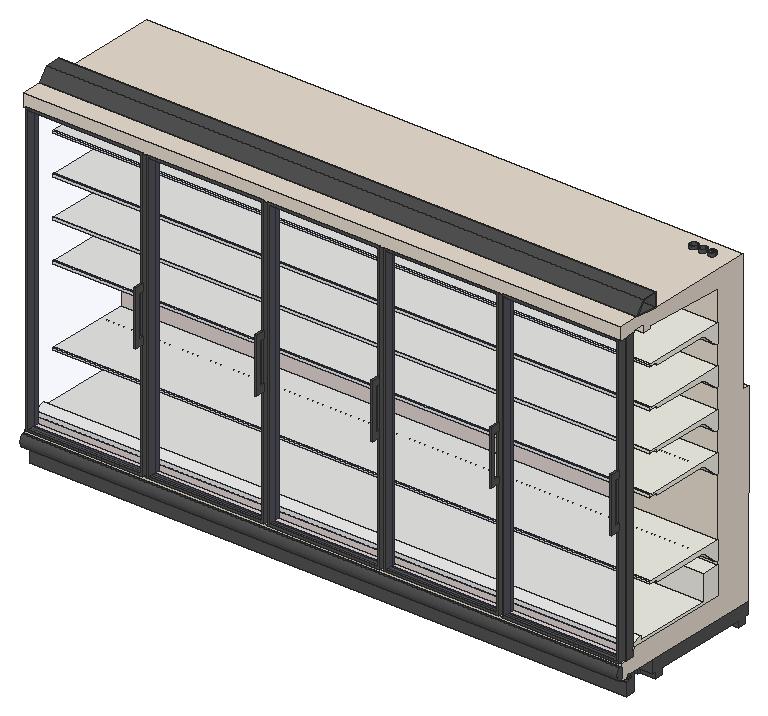
Revit family
Parameters (values of type "RLT-5")
  Voltage - Electric Defrost [instance] = 208 V
  Voltage [instance] = 120 V
  URL = "www.hussmann.com"
  Temp Sensor [instance] = "Temp Sensor"
  System Control [instance] = "0.10A"
  Standard Right End Cap On/Off [instance] = no
  Standard Left End Cap On/Off [instance] = no
  Refrig. Suction [instance] = "Suction"
  Refrig. Liquid [instance] = "Liquid"
  Ref. Sys. Control [instance] = 0.1 A
  R.I. RH Doors YES/NO [instance] = no
  R.I. LH Doors YES/NO [instance] = yes
  R.I. - RH Door Swing YES/NO [instance] = no
  R.I. - LH Door Swing YES/NO [instance] = yes
  Phase [instance] = 1
  Model = "RLT-5"
  Manufacturer = "HUSSMANN CORP"
  Glass [instance] = Glass
  Frequency [instance] = 60 Hz
  Elect. Defrost Amps [instance] = "19.20A"
  Elect. Def.-2 Yes/No [instance] = no
  Elect. Def. Yes/No [instance] = yes
  Elect. Def. Amps [instance] = 19.2 A
  EMS (Controller)-2 YES/NO [instance] = no
  EMS (Controller) YES/NO [instance] = yes
  Drain Heaters [instance] = 3.5 A
  Description = "5-Door Reach-in Low Temp Case"
  Copper-Suction [instance] = Copper
  Copper-Liquid [instance] = Copper
  Controls-2 YES/NO [instance] = no
  Controls Yes/No = yes
  Controller (EMS) [instance] = 0.1 A
  Condensate Drain Connection [instance] = "1 1/4\" Dia"
  Color - Toe Kick [instance] = Shadow Black
  Color - Shelves [instance] = Interior White
  Color - Light [instance] = Light
  Color - Legs [instance] = Shadow Black
  Color - Interior [instance] = Interior White
  Color - Bumper Rail [instance] = Shadow Black
  Color - Body [instance] = Mystic Gray
  Color [instance] = Shadow Black
  Case Lights-2 YES/NO [instance] = no
  Case Lights YES/NO [instance] = yes
  Case Lights Amps [instance] = "0.90A"
  Case Lights [instance] = 0.9 A
  Case KG Sup Htrs. [instance] = "6.60A"
  Case KG Sup Htrs-2 YES/NO [instance] = no
  Case KG Sup Htrs YES/NO [instance] = yes
  Case KG Sup Htrs [instance] = 6.6 A
  Case Fans-MCA [instance] = 11.6 A
  Case Fans-2 YES/NO [instance] = no
  Case Fans YES/NO [instance] = yes
  Case Fans (MCA) [instance] = "11.60A"
  Case Drain Htrs-2 YES/NO [instance] = no
  Case Drain Htrs YES/NO [instance] = yes
  Case Drain Htrs [instance] = "3.50A"
  5-Shelves On/Off [instance] = yes
  4-Shelves On/Off [instance] = no
  3-Shelves On/Off [instance] = no
  2-Shelves On/Off [instance] = no
  1-Shelves On/Off [instance] = no
Reference planes (in)
  plane 1 "Center (Front/Back)": y = 0
  plane 2: z = 0
  plane 3 "Center (Left/Right)": x = 0
  plane 4: x = 62
  plane 5: y = -42.125
  plane 6: z = 4.75
  plane 7: x = 31
  plane 8: x = 30.5
  plane 9: x = 31.5
  plane 10: x = 0.5
  plane 11: x = 61.5
  plane 12: z = 82.75017
  plane 13: z = 8.25017
  plane 14: x = 30
  plane 15: x = 32
  plane 16: x = 1
  plane 17: x = 61
  plane 18: z = 8.75017
  plane 19: z = 82.25017
  plane 20: y = -40.875
  plane 21: y = -39
  plane 22: y = -43.16337
  plane 23: z = 89.00011
  plane 24: z = 86.00442
  plane 25: x = 122.875
  plane 26: x = 91.87738
  plane 27: x = 91.37738
  plane 28: x = 90.87738
  plane 29: x = 153.375
  plane 30: x = 122.37738
  plane 31: x = 121.87738
  plane 32: x = 121.37738
  plane 33: x = 76.625
Forms (in)
  Extrusion 1, solid, material "Mystic Gray" <- "Color - Body"
    sketch origin (0, 0, 0) x (0, 1, 0) y (0, 0, 1)
      loop
        line (-40.6, 8.25017) -> (-40.6, 4.265) -> (-39.3376, 4.265) -> (-38.7126, 5.34753) -> (-37.67764, 4.75) -> (0, 4.75) -> (0, 54.406) -> (-1.626, 54.406) -> (-1.626, 85.375) -> (-29.626, 85.375) -> (-35.7178, 86.00442) -> (-40.87784, 86.00442) -> (-40.87784, 82.75442) -> (-36.90797, 82.75442) -> (-36.90797, 83.34417) -> (-33.56579, 83.34417) -> (-33.65569, 81.38621) -> (-31.65779, 81.29448) -> (-31.6237, 82.03699) -> (-9.64685, 81.02795) -> (-9.64685, 10.27795) -> (-36.64685, 10.27795) -> (-36.64685, 9.94983) -> (-36.98797, 9.94983) -> (-36.98797, 8.25017) -> (-40.6, 8.25017)
    from 0 to 153.375
  Extrusion 2, solid, material "Shadow Black" <- "Color"
    sketch origin (0, 0, 0) x (1, 0, 0) y (0, 1, 0)
      loop
        line (4, -36.707) -> (10, -36.707) -> (10, -35.86) -> (9, -35.86) -> (9, -30.528) -> (10, -30.528) -> (10, -29.778) -> (4, -29.778) -> (4, -30.528) -> (5, -30.528) -> (5, -35.86) -> (4, -35.86) -> (4, -36.707)
      loop
        line (143.375, -36.707) -> (149.375, -36.707) -> (149.375, -35.86) -> (148.375, -35.86) -> (148.375, -30.528) -> (149.375, -30.528) -> (149.375, -29.778) -> (143.375, -29.778) -> (143.375, -30.528) -> (144.375, -30.528) -> (144.375, -35.86) -> (143.375, -35.86) -> (143.375, -36.707)
      loop
        line (97.6875, -36.707) -> (103.6875, -36.707) -> (103.6875, -35.86) -> (102.6875, -35.86) -> (102.6875, -30.528) -> (103.6875, -30.528) -> (103.6875, -29.778) -> (97.6875, -29.778) -> (97.6875, -30.528) -> (98.6875, -30.528) -> (98.6875, -35.86) -> (97.6875, -35.86) -> (97.6875, -36.707)
      loop
        line (49.6875, -36.707) -> (55.6875, -36.707) -> (55.6875, -35.86) -> (54.6875, -35.86) -> (54.6875, -30.528) -> (55.6875, -30.528) -> (55.6875, -29.778) -> (49.6875, -29.778) -> (49.6875, -30.528) -> (50.6875, -30.528) -> (50.6875, -35.86) -> (49.6875, -35.86) -> (49.6875, -36.707)
    from 0 to 4.639
  Extrusion 3, solid, material "Shadow Black" <- "Color - Toe Kick"
    sketch origin (0, 0, 0) x (0, 1, 0) y (0, 0, 1)
      loop
        line (-37.67764, 4.75) -> (-37.471, 3.6869) -> (-38.14784, 3.6869) -> (-38.22804, 3.548) -> (-38.79179, 3.34281) -> (-39, 3.02219) -> (-39, 0) -> (-36.707, 0) -> (-36.707, 4.75) -> (-37.67764, 4.75)
    from 0 to 153.375
  Extrusion 4, solid, material "Shadow Black" <- "Color - Legs"
    sketch origin (0, 0, 0) x (0, 1, 0) y (0, 0, 1)
      loop
        line (-30.75, 4.75) -> (-30.75, 1.556) -> (-29.691, 1.556) -> (-29.691, 0) -> (-27.799, 0) -> (-27.799, 1.556) -> (-2.895, 1.556) -> (-2.895, 0) -> (-1.003, 0) -> (-1.003, 1.556) -> (0, 1.556) -> (0, 4.75) -> (-30.75, 4.75)
    from 0 to 153.375
  Extrusion 5, solid, material "Interior White" <- "Color - Interior"
    sketch origin (0, 0, 0) x (0, 1, 0) y (0, 0, 1)
      loop
        line (-9.64685, 10.27795) -> (-9.64685, 17.37517) -> (-14.2885, 17.37517) -> (-14.2885, 10.94933) -> (-34.45597, 10.94933) -> (-34.45597, 11.95641) -> (-37.00724, 10.94933) -> (-37.00724, 9.94933) -> (-36.6378, 9.94933) -> (-36.6378, 10.27795) -> (-9.64685, 10.27795)
    from 0 to 153.375
  Extrusion 6, solid, material "Interior White" <- "Color - Shelves", visible <- "5-Shelves On/Off"
    sketch origin (0, 0, 0) x (0, 1, 0) y (0, 0, 1)
      loop
        line (-9.64685, 23.17405) -> (-31.4298, 23.17405) -> (-31.4298, 23.3192) -> (-31.6635, 23.21022) -> (-31.6635, 22.58599) -> (-31.29125, 22.8665) -> (-31.11141, 22.74057) -> (-29.50986, 22.74057) -> (-29.50986, 22.24057) -> (-28.63922, 22.21017) -> (-28.63922, 22.11574) -> (-14.76647, 22.11574) -> (-10.99391, 18.8565) -> (-10.00662, 18.37496) -> (-9.64685, 18.37496) -> (-9.64685, 23.17405)
      loop
        line (-9.64685, 43.17405) -> (-31.4298, 43.17405) -> (-31.4298, 43.3192) -> (-31.6635, 43.21022) -> (-31.6635, 42.58599) -> (-31.29125, 42.8665) -> (-31.11141, 42.74057) -> (-29.50986, 42.74057) -> (-29.50986, 42.24057) -> (-28.63922, 42.21017) -> (-28.63922, 42.11574) -> (-14.76647, 42.11574) -> (-10.99391, 38.8565) -> (-10.00662, 38.37496) -> (-9.64685, 38.37496) -> (-9.64685, 43.17405)
      loop
        line (-9.64685, 53.17405) -> (-31.4298, 53.17405) -> (-31.4298, 53.3192) -> (-31.6635, 53.21022) -> (-31.6635, 52.58599) -> (-31.29125, 52.8665) -> (-31.11141, 52.74057) -> (-29.50986, 52.74057) -> (-29.50986, 52.24057) -> (-28.63922, 52.21017) -> (-28.63922, 52.11574) -> (-14.76647, 52.11574) -> (-10.99391, 48.8565) -> (-10.00662, 48.37496) -> (-9.64685, 48.37496) -> (-9.64685, 53.17405)
      loop
        line (-9.64685, 63.17405) -> (-31.4298, 63.17405) -> (-31.4298, 63.3192) -> (-31.6635, 63.21022) -> (-31.6635, 62.58599) -> (-31.29125, 62.8665) -> (-31.11141, 62.74057) -> (-29.50986, 62.74057) -> (-29.50986, 62.24057) -> (-28.63922, 62.21017) -> (-28.63922, 62.11574) -> (-14.76647, 62.11574) -> (-10.99391, 58.8565) -> (-10.00662, 58.37496) -> (-9.64685, 58.37496) -> (-9.64685, 63.17405)
      loop
        line (-9.64685, 73.17405) -> (-31.4298, 73.17405) -> (-31.4298, 73.3192) -> (-31.6635, 73.21022) -> (-31.6635, 72.58599) -> (-31.29125, 72.8665) -> (-31.11141, 72.74057) -> (-29.50986, 72.74057) -> (-29.50986, 72.24057) -> (-28.63922, 72.21017) -> (-28.63922, 72.11574) -> (-14.76647, 72.11574) -> (-10.99391, 68.8565) -> (-10.00662, 68.37496) -> (-9.64685, 68.37496) -> (-9.64685, 73.17405)
    from 0 to 153.375
  Extrusion 7, solid, material "Shadow Black" <- "Color - Bumper Rail"
    sketch origin (0, 0, 0) x (0, 1, 0) y (0, 0, 1)
      loop
        line (-40.6, 7.23837) -> (-41.07283, 7.7112) -> (-41.39244, 7.7112)
        arc (-41.39244, 7.7112) -> (-42.13964, 6.12628) -> (-41.39244, 4.54135) r 2.05454
        line (-41.39244, 4.54135) -> (-41.07408, 4.54135) -> (-40.6, 5.01543) -> (-40.6, 7.23837)
    from 0 to 153.375
  Extrusion 8, solid, material "Shadow Black" <- "Color"
    sketch origin (0, 0, 0) x (0, 1, 0) y (0, 0, 1)
      loop
        line (-38.8929, 82.75442) -> (-38.8929, 8.25017) -> (-36.98797, 8.25017) -> (-36.98797, 82.75442) -> (-38.8929, 82.75442)
    from 0 to 0.5
  Extrusion 9, solid, material "Shadow Black" <- "Color"
    sketch origin (30.5, -0.09507, 0) x (0, 1, 0) y (0, 0, 1)
      loop
        line (-38.8929, 82.75442) -> (-38.8929, 8.25017) -> (-36.98797, 8.25017) -> (-36.98797, 82.75442) -> (-38.8929, 82.75442)
    from 0 to 1
  Extrusion 10, solid, material "Shadow Black" <- "Color"
    sketch origin (0, 0, 0) x (1, 0, 0) y (0, 0, 1)
      loop
        line (0.5, 8.25017) -> (30.5, 8.25017) -> (30.5, 82.75442) -> (0.5, 82.75442) -> (0.5, 8.25017)
      loop
        line (1, 8.75017) -> (30, 8.75017) -> (30, 82.25017) -> (1, 82.25017) -> (1, 8.75017)
    from 39 to 40.87784
  Extrusion 11, solid, material "Glass" <- "Glass"
    sketch origin (0, 0, 0) x (1, 0, 0) y (0, 0, 1)
      loop
        line (1, 8.75017) -> (30, 8.75017) -> (30, 82.25017) -> (1, 82.25017) -> (1, 8.75017)
    from 39.65088 to 40.28076
  Extrusion 12, solid, material "Shadow Black" <- "Color"
    sketch origin (31, 0, 0) x (1, 0, 0) y (0, 0, 1)
      loop
        line (0.5, 8.25017) -> (30.5, 8.25017) -> (30.5, 82.75442) -> (0.5, 82.75442) -> (0.5, 8.25017)
      loop
        line (1, 8.75017) -> (30, 8.75017) -> (30, 82.25017) -> (1, 82.25017) -> (1, 8.75017)
    from 39 to 40.87784
  Extrusion 13, solid, material "Glass" <- "Glass"
    sketch origin (31, 0, 0) x (1, 0, 0) y (0, 0, 1)
      loop
        line (1, 8.75017) -> (30, 8.75017) -> (30, 82.25017) -> (1, 82.25017) -> (1, 8.75017)
    from 39.65088 to 40.28076
  Extrusion 14, solid, material "Shadow Black" <- "Color", visible <- "R.I. LH Doors YES/NO"
    sketch origin (0, 0, 0) x (0, 1, 0) y (0, 0, 1)
      loop
        line (-40.875, 52.65143) -> (-43.16337, 52.65143) -> (-43.16337, 38.65143) -> (-40.87784, 38.65143) -> (-40.87784, 40.40143) -> (-42.26191, 40.40143) -> (-42.26191, 50.90143) -> (-40.875, 50.90143) -> (-40.875, 52.65143)
    from 30 to 30.5
  Extrusion 15, solid
    sketch origin (38.5, 0, 0) x (1, 0, 0) y (0, 1, 0)
      loop
        circle (38.125, -34.62535) r 0.625
      loop
        circle (38.125, -34.62535) r 0.5578
    from 3.875 to 4.75
  Extrusion 16, solid, material "Shadow Black" <- "Color"
    sketch origin (91.375, 0, 0) x (1, 0, 0) y (0, 1, 0)
      loop
        circle (57.125, -5.5) r 0.9375
      loop
        circle (57.125, -5.5) r 0.84894
    from 85.375 to 86.00442
  Extrusion 17, solid, material "Shadow Black" <- "Color"
    sketch origin (89, 0, 0) x (1, 0, 0) y (0, 1, 0)
      loop
        circle (57.125, -5.5) r 0.9375
      loop
        circle (57.125, -5.5) r 0.84894
    from 85.375 to 86.00442
  Extrusion 18, solid, material "Shadow Black" <- "Color"
    sketch origin (86.625, 0, 0) x (1, 0, 0) y (0, 1, 0)
      loop
        circle (57.125, -5.5) r 0.9375
      loop
        circle (57.125, -5.5) r 0.84894
    from 85.36717 to 86
  Extrusion 19, solid, material "Shadow Black" <- "Color"
    sketch origin (91.875, 0, 0) x (1, 0, 0) y (0, 0, 1)
      loop
        line (0.5, 8.25017) -> (30, 8.25017) -> (30, 82.75442) -> (0.5, 82.75442) -> (0.5, 8.25017)
      loop
        line (1, 8.75017) -> (29.50238, 8.75017) -> (29.50238, 82.25017) -> (1, 82.25017) -> (1, 8.75017)
    from 39 to 40.87784
  Extrusion 20, solid, material "Glass" <- "Glass"
    sketch origin (91.875, 0, 0) x (1, 0, 0) y (0, 0, 1)
      loop
        line (1, 8.75017) -> (29.50238, 8.75017) -> (29.50238, 82.25017) -> (1, 82.25017) -> (1, 8.75017)
    from 39.65088 to 40.28076
  Extrusion 21, solid, material "Shadow Black" <- "Color", visible <- "R.I. LH Doors YES/NO"
    sketch origin (60.875, 0.03553, 0) x (0, 1, 0) y (0, 0, 1)
      loop
        line (-40.875, 52.65143) -> (-43.16337, 52.65143) -> (-43.16337, 38.65143) -> (-40.87784, 38.65143) -> (-40.87784, 40.40143) -> (-42.26191, 40.40143) -> (-42.26191, 50.90143) -> (-40.875, 50.90143) -> (-40.875, 52.65143)
    from 30 to 30.5
  Extrusion 22, solid, material "Shadow Black" <- "Color"
    sketch origin (61.5, -0.09507, 0) x (0, 1, 0) y (0, 0, 1)
      loop
        line (-38.8929, 82.75442) -> (-38.8929, 8.25017) -> (-36.98797, 8.25017) -> (-36.98797, 82.75442) -> (-38.8929, 82.75442)
    from 0 to 1
  Extrusion 23, solid, material "Shadow Black" <- "Color"
    sketch origin (62, 0, 0) x (1, 0, 0) y (0, 0, 1)
      loop
        line (0.5, 8.25017) -> (29.37738, 8.25017) -> (29.37738, 82.75442) -> (0.5, 82.75442) -> (0.5, 8.25017)
      loop
        line (1, 8.75017) -> (28.87738, 8.75017) -> (28.87738, 82.25017) -> (1, 82.25017) -> (1, 8.75017)
    from 39 to 40.87784
  Extrusion 24, solid, material "Glass" <- "Glass"
    sketch origin (62, 0, 0) x (1, 0, 0) y (0, 0, 1)
      loop
        line (1, 8.75017) -> (28.87738, 8.75017) -> (28.87738, 82.25017) -> (1, 82.25017) -> (1, 8.75017)
    from 39.65088 to 40.28076
  Extrusion 25, solid, material "Shadow Black" <- "Color", visible <- "R.I. LH Doors YES/NO"
    sketch origin (31, 0.03553, 0) x (0, 1, 0) y (0, 0, 1)
      loop
        line (-40.875, 52.65143) -> (-43.16337, 52.65143) -> (-43.16337, 38.65143) -> (-40.87784, 38.65143) -> (-40.87784, 40.40143) -> (-42.26191, 40.40143) -> (-42.26191, 50.90143) -> (-40.875, 50.90143) -> (-40.875, 52.65143)
    from 30 to 30.5
  Extrusion 26, solid, material "Shadow Black" <- "Color"
    sketch origin (91.37738, -0.4949, 0) x (0, 1, 0) y (0, 0, 1)
      loop
        line (-38.8929, 82.75442) -> (-38.8929, 8.25017) -> (-36.98797, 8.25017) -> (-36.98797, 82.75442) -> (-38.8929, 82.75442)
    from 0 to 1
  Extrusion 27, solid, material "Shadow Black" <- "Color", visible <- "R.I. LH Doors YES/NO"
    sketch origin (91.375, 0.03553, 0) x (0, 1, 0) y (0, 0, 1)
      loop
        line (-40.875, 52.65143) -> (-43.16337, 52.65143) -> (-43.16337, 38.65143) -> (-40.87784, 38.65143) -> (-40.87784, 40.40143) -> (-42.26191, 40.40143) -> (-42.26191, 50.90143) -> (-40.875, 50.90143) -> (-40.875, 52.65143)
    from 30 to 30.5
  Extrusion 28, solid, material "Shadow Black" <- "Color"
    sketch origin (152.875, -0.0369, 0) x (0, 1, 0) y (0, 0, 1)
      loop
        line (-38.8929, 82.75442) -> (-38.8929, 8.25017) -> (-36.98797, 8.25017) -> (-36.98797, 82.75442) -> (-38.8929, 82.75442)
    from 0 to 0.5
  Extrusion 29, solid, material "Shadow Black" <- "Color"
    sketch origin (122.375, 0, 0) x (1, 0, 0) y (0, 0, 1)
      loop
        line (0.5, 8.25017) -> (30.5, 8.25017) -> (30.5, 82.75442) -> (0.5, 82.75442) -> (0.5, 8.25017)
      loop
        line (1, 8.75017) -> (30, 8.75017) -> (30, 82.25017) -> (1, 82.25017) -> (1, 8.75017)
    from 39 to 40.87784
  Extrusion 30, solid, material "Glass" <- "Glass"
    sketch origin (122.375, 0, 0) x (1, 0, 0) y (0, 0, 1)
      loop
        line (1, 8.75017) -> (30, 8.75017) -> (30, 82.25017) -> (1, 82.25017) -> (1, 8.75017)
    from 39.65088 to 40.28076
  Extrusion 31, solid, material "Shadow Black" <- "Color", visible <- "R.I. LH Doors YES/NO"
    sketch origin (122.375, 0.03553, 0) x (0, 1, 0) y (0, 0, 1)
      loop
        line (-40.875, 52.65143) -> (-43.16337, 52.65143) -> (-43.16337, 38.65143) -> (-40.87784, 38.65143) -> (-40.87784, 40.40143) -> (-42.26191, 40.40143) -> (-42.26191, 50.90143) -> (-40.875, 50.90143) -> (-40.875, 52.65143)
    from 30 to 30.5
  Extrusion 32, solid, material "Shadow Black" <- "Color"
    sketch origin (121.87738, -0.4949, 0) x (0, 1, 0) y (0, 0, 1)
      loop
        line (-38.8929, 82.75442) -> (-38.8929, 8.25017) -> (-36.98797, 8.25017) -> (-36.98797, 82.75442) -> (-38.8929, 82.75442)
    from 0 to 1
  Extrusion 33, solid
    sketch origin (7.25, -1.75, 0) x (1, 0, 0) y (0, 1, 0)
      loop
        circle (2.75, -30.16725) r 0.5
      loop
        circle (2.75, -30.16725) r 0.47014
      loop
        circle (4, -30.16725) r 0.5
      loop
        circle (4, -30.16725) r 0.47014
      loop
        circle (5.25, -30.16725) r 0.5
      loop
        circle (5.25, -30.16725) r 0.47014
      loop
        circle (6.5, -30.16725) r 0.5
      loop
        circle (6.5, -30.16725) r 0.47014
      loop
        circle (7.75, -30.16725) r 0.5
      loop
        circle (7.75, -30.16725) r 0.47014
      loop
        circle (2.75, -29.04125) r 0.5
      loop
        circle (2.75, -29.04125) r 0.47014
      loop
        circle (4, -29.04125) r 0.5
      loop
        circle (4, -29.04125) r 0.47014
    from 85.375 to 86.33078
  Extrusion 34, solid
    sketch origin (146, -1.75, 0) x (-1, 0, 0) y (0, -1, 0)
      loop
        circle (2.75, 30.16725) r 0.5
      loop
        circle (2.75, 30.16725) r 0.47014
      loop
        circle (4, 30.16725) r 0.5
      loop
        circle (4, 30.16725) r 0.47014
      loop
        circle (5.25, 30.16725) r 0.5
      loop
        circle (5.25, 30.16725) r 0.47014
      loop
        circle (6.5, 30.16725) r 0.5
      loop
        circle (6.5, 30.16725) r 0.47014
      loop
        circle (7.75, 30.16725) r 0.5
      loop
        circle (7.75, 30.16725) r 0.47014
      loop
        circle (2.75, 29.04125) r 0.5
      loop
        circle (2.75, 29.04125) r 0.47014
      loop
        circle (4, 29.04125) r 0.5
      loop
        circle (4, 29.04125) r 0.47014
    from 85.375 to 86.33078
  Extrusion 35, solid, material "Copper" <- "Copper-Suction"
    sketch origin (91.36777, 0, 0) x (1, 0, 0) y (0, 1, 0)
      loop
        circle (57.42378, -5.50951) r 0.3125
      loop
        circle (57.42378, -5.50951) r 0.28333
    from 85.375 to 86.00442
  Extrusion 36, solid, material "Copper" <- "Copper-Liquid"
    sketch origin (91.36777, 0, 0) x (1, 0, 0) y (0, 1, 0)
      loop
        circle (56.67874, -5.50951) r 0.1875
      loop
        circle (56.67874, -5.50951) r 0.17549
    from 85.375 to 86.00442
  Extrusion 37, solid, material "Shadow Black" <- "Color"
    sketch origin (0, 0, 0) x (0, 1, 0) y (0, 0, 1)
      loop
        line (-29.626, 85.375) -> (-29.626, 89.00011) -> (-33.6202, 89.00011) -> (-35.7178, 86.00442) -> (-29.626, 85.375)
      loop
        line (-29.69208, 85.48837) -> (-29.69208, 88.96133) -> (-33.54903, 88.96133) -> (-35.55654, 86.0943) -> (-29.69208, 85.48837)
    from 0 to 153.375
  Extrusion 38, solid, material "Interior White" <- "Color - Shelves", visible <- "1-Shelves On/Off"
    sketch origin (0, 0, 0) x (0, 1, 0) y (0, 0, 1)
      loop
        line (-9.64685, 43.17405) -> (-31.4298, 43.17405) -> (-31.4298, 43.3192) -> (-31.6635, 43.21022) -> (-31.6635, 42.58599) -> (-31.29125, 42.8665) -> (-31.11141, 42.74057) -> (-29.50986, 42.74057) -> (-29.50986, 42.24057) -> (-28.63922, 42.21017) -> (-28.63922, 42.11574) -> (-14.76647, 42.11574) -> (-10.99391, 38.8565) -> (-10.00662, 38.37496) -> (-9.64685, 38.37496) -> (-9.64685, 43.17405)
    from 0 to 12
  Extrusion 39, solid, material "Interior White" <- "Color - Shelves", visible <- "2-Shelves On/Off"
    sketch origin (0, 0, 0) x (0, 1, 0) y (0, 0, 1)
      loop
        line (-9.64685, 43.17405) -> (-31.4298, 43.17405) -> (-31.4298, 43.3192) -> (-31.6635, 43.21022) -> (-31.6635, 42.58599) -> (-31.29125, 42.8665) -> (-31.11141, 42.74057) -> (-29.50986, 42.74057) -> (-29.50986, 42.24057) -> (-28.63922, 42.21017) -> (-28.63922, 42.11574) -> (-14.76647, 42.11574) -> (-10.99391, 38.8565) -> (-10.00662, 38.37496) -> (-9.64685, 38.37496) -> (-9.64685, 43.17405)
      loop
        line (-9.64685, 63.17405) -> (-31.4298, 63.17405) -> (-31.4298, 63.3192) -> (-31.6635, 63.21022) -> (-31.6635, 62.58599) -> (-31.29125, 62.8665) -> (-31.11141, 62.74057) -> (-29.50986, 62.74057) -> (-29.50986, 62.24057) -> (-28.63922, 62.21017) -> (-28.63922, 62.11574) -> (-14.76647, 62.11574) -> (-10.99391, 58.8565) -> (-10.00662, 58.37496) -> (-9.64685, 58.37496) -> (-9.64685, 63.17405)
    from 0 to 12
  Extrusion 40, solid, material "Interior White" <- "Color - Shelves", visible <- "3-Shelves On/Off"
    sketch origin (0, 0, 0) x (0, 1, 0) y (0, 0, 1)
      loop
        line (-9.64685, 43.17405) -> (-31.4298, 43.17405) -> (-31.4298, 43.3192) -> (-31.6635, 43.21022) -> (-31.6635, 42.58599) -> (-31.29125, 42.8665) -> (-31.11141, 42.74057) -> (-29.50986, 42.74057) -> (-29.50986, 42.24057) -> (-28.63922, 42.21017) -> (-28.63922, 42.11574) -> (-14.76647, 42.11574) -> (-10.99391, 38.8565) -> (-10.00662, 38.37496) -> (-9.64685, 38.37496) -> (-9.64685, 43.17405)
      loop
        line (-9.64685, 53.17405) -> (-31.4298, 53.17405) -> (-31.4298, 53.3192) -> (-31.6635, 53.21022) -> (-31.6635, 52.58599) -> (-31.29125, 52.8665) -> (-31.11141, 52.74057) -> (-29.50986, 52.74057) -> (-29.50986, 52.24057) -> (-28.63922, 52.21017) -> (-28.63922, 52.11574) -> (-14.76647, 52.11574) -> (-10.99391, 48.8565) -> (-10.00662, 48.37496) -> (-9.64685, 48.37496) -> (-9.64685, 53.17405)
      loop
        line (-9.64685, 63.17405) -> (-31.4298, 63.17405) -> (-31.4298, 63.3192) -> (-31.6635, 63.21022) -> (-31.6635, 62.58599) -> (-31.29125, 62.8665) -> (-31.11141, 62.74057) -> (-29.50986, 62.74057) -> (-29.50986, 62.24057) -> (-28.63922, 62.21017) -> (-28.63922, 62.11574) -> (-14.76647, 62.11574) -> (-10.99391, 58.8565) -> (-10.00662, 58.37496) -> (-9.64685, 58.37496) -> (-9.64685, 63.17405)
    from 0 to 12
  Extrusion 41, solid, material "Interior White" <- "Color - Shelves", visible <- "4-Shelves On/Off"
    sketch origin (0, 0, 0) x (0, 1, 0) y (0, 0, 1)
      loop
        line (-9.64685, 43.17405) -> (-31.4298, 43.17405) -> (-31.4298, 43.3192) -> (-31.6635, 43.21022) -> (-31.6635, 42.58599) -> (-31.29125, 42.8665) -> (-31.11141, 42.74057) -> (-29.50986, 42.74057) -> (-29.50986, 42.24057) -> (-28.63922, 42.21017) -> (-28.63922, 42.11574) -> (-14.76647, 42.11574) -> (-10.99391, 38.8565) -> (-10.00662, 38.37496) -> (-9.64685, 38.37496) -> (-9.64685, 43.17405)
      loop
        line (-9.64685, 53.17405) -> (-31.4298, 53.17405) -> (-31.4298, 53.3192) -> (-31.6635, 53.21022) -> (-31.6635, 52.58599) -> (-31.29125, 52.8665) -> (-31.11141, 52.74057) -> (-29.50986, 52.74057) -> (-29.50986, 52.24057) -> (-28.63922, 52.21017) -> (-28.63922, 52.11574) -> (-14.76647, 52.11574) -> (-10.99391, 48.8565) -> (-10.00662, 48.37496) -> (-9.64685, 48.37496) -> (-9.64685, 53.17405)
      loop
        line (-9.64685, 63.17405) -> (-31.4298, 63.17405) -> (-31.4298, 63.3192) -> (-31.6635, 63.21022) -> (-31.6635, 62.58599) -> (-31.29125, 62.8665) -> (-31.11141, 62.74057) -> (-29.50986, 62.74057) -> (-29.50986, 62.24057) -> (-28.63922, 62.21017) -> (-28.63922, 62.11574) -> (-14.76647, 62.11574) -> (-10.99391, 58.8565) -> (-10.00662, 58.37496) -> (-9.64685, 58.37496) -> (-9.64685, 63.17405)
      loop
        line (-9.64685, 73.17405) -> (-31.4298, 73.17405) -> (-31.4298, 73.3192) -> (-31.6635, 73.21022) -> (-31.6635, 72.58599) -> (-31.29125, 72.8665) -> (-31.11141, 72.74057) -> (-29.50986, 72.74057) -> (-29.50986, 72.24057) -> (-28.63922, 72.21017) -> (-28.63922, 72.11574) -> (-14.76647, 72.11574) -> (-10.99391, 68.8565) -> (-10.00662, 68.37496) -> (-9.64685, 68.37496) -> (-9.64685, 73.17405)
    from 0 to 12
  Extrusion 42, solid, material "Shadow Black" <- "Color", visible <- "R.I. RH Doors YES/NO"
    sketch origin (31, 0, 0) x (0, 1, 0) y (0, 0, -1)
      loop
        line (-40.875, -52.65143) -> (-40.875, -50.90143) -> (-42.26191, -50.90143) -> (-42.26191, -40.40143) -> (-40.87784, -40.40143) -> (-40.87784, -38.65143) -> (-43.16337, -38.65143) -> (-43.16337, -52.65143) -> (-40.875, -52.65143)
    from 30 to 30.5
  Extrusion 43, solid, material "Shadow Black" <- "Color", visible <- "R.I. RH Doors YES/NO"
    sketch origin (62, 0, 0) x (0, 1, 0) y (0, 0, -1)
      loop
        line (-40.875, -52.65143) -> (-40.875, -50.90143) -> (-42.26191, -50.90143) -> (-42.26191, -40.40143) -> (-40.87784, -40.40143) -> (-40.87784, -38.65143) -> (-43.16337, -38.65143) -> (-43.16337, -52.65143) -> (-40.875, -52.65143)
    from 30 to 30.5
  Extrusion 44, solid, material "Shadow Black" <- "Color", visible <- "R.I. RH Doors YES/NO"
    sketch origin (93, 0, 0) x (0, 1, 0) y (0, 0, -1)
      loop
        line (-40.875, -52.65143) -> (-40.875, -50.90143) -> (-42.26191, -50.90143) -> (-42.26191, -40.40143) -> (-40.87784, -40.40143) -> (-40.87784, -38.65143) -> (-43.16337, -38.65143) -> (-43.16337, -52.65143) -> (-40.875, -52.65143)
    from 30 to 30.5
  Extrusion 45, solid, material "Shadow Black" <- "Color", visible <- "R.I. RH Doors YES/NO"
    sketch origin (122.86227, 0, 0) x (0, 1, 0) y (0, 0, -1)
      loop
        line (-40.875, -52.65143) -> (-40.875, -50.90143) -> (-42.26191, -50.90143) -> (-42.26191, -40.40143) -> (-40.87784, -40.40143) -> (-40.87784, -38.65143) -> (-43.16337, -38.65143) -> (-43.16337, -52.65143) -> (-40.875, -52.65143)
    from 30 to 30.5
  Extrusion 46, solid, material "Shadow Black" <- "Color", visible <- "R.I. RH Doors YES/NO"
    sketch origin (153.375, 0, 0) x (0, 1, 0) y (0, 0, -1)
      loop
        line (-40.875, -52.65143) -> (-40.875, -50.90143) -> (-42.26191, -50.90143) -> (-42.26191, -40.40143) -> (-40.87784, -40.40143) -> (-40.87784, -38.65143) -> (-43.16337, -38.65143) -> (-43.16337, -52.65143) -> (-40.875, -52.65143)
    from 30 to 30.5
Lines and regions (in)
  symbolic lines
    curve 1: line (0, -42.13964, 0) -> (153.375, -42.13964, 0)
    curve 2: line (0, 0, 0) -> (0, -42.13964, 0)
    curve 3: line (153.375, 0, 0) -> (0, 0, 0)
    curve 4: line (153.375, -42.13964, 0) -> (153.375, 0, 0)
  symbolic lines, visible <- "R.I. - LH Door Swing YES/NO"
    curve 5: line (32, -42.13964, 0) -> (32, -72.13964, 0)
    curve 6: arc (32, -72.13964, 0) -> (53.2132, -63.35284, 0) -> (62, -42.13964, 0) r 30
    curve 7: line (62.5, -42.13964, 0) -> (62.5, -72.13964, 0)
    curve 8: arc (62.5, -72.13964, 0) -> (83.7132, -63.35284, 0) -> (92.5, -42.13964, 0) r 30
    curve 9: line (1, -42.13964, 0) -> (1, -72.13964, 0)
    curve 10: arc (1, -72.13964, 0) -> (22.2132, -63.35284, 0) -> (31, -42.13964, 0) r 30
    curve 19: line (92.5, -42.13964, 0) -> (92.5, -72.13964, 0)
    curve 20: arc (92.5, -72.13964, 0) -> (113.7132, -63.35284, 0) -> (122.5, -42.13964, 0) r 30
    curve 23: line (122.875, -42.13964, 0) -> (122.875, -72.13964, 0)
    curve 24: arc (122.875, -72.13964, 0) -> (144.0882, -63.35284, 0) -> (152.875, -42.13964, 0) r 30
  symbolic lines, visible <- "R.I. - RH Door Swing YES/NO"
    curve 11: line (61, -42.13964, 0) -> (61, -72.13964, 0)
    curve 12: arc (61, -72.13964, 0) -> (39.7868, -63.35284, 0) -> (31, -42.13964, 0) r 30
    curve 13: line (91.37738, -42.13964, 0) -> (91.37738, -72.13318, 0)
    curve 14: arc (91.37738, -72.13318, 0) -> (70.5678, -63.13156, 0) -> (62, -42.13964, 0) r 30
    curve 15: line (30, -42.13964, 0) -> (30, -72.13964, 0)
    curve 16: arc (30, -72.13964, 0) -> (8.7868, -63.35284, 0) -> (0, -42.13964, 0) r 30
    curve 17: line (121.87738, -42.13964, 0) -> (121.87738, -72.13964, 0)
    curve 18: arc (121.87738, -72.13964, 0) -> (100.66417, -63.35284, 0) -> (91.87738, -42.13964, 0) r 30
    curve 21: line (152.25238, -42.13964, 0) -> (152.25238, -72.13964, 0)
    curve 22: arc (152.25238, -72.13964, 0) -> (131.03917, -63.35284, 0) -> (122.25238, -42.13964, 0) r 30
Dimensions and locks (in)
  plane 20 to plane 1 "Center (Front/Back)" = 3' - 4 7/8"
  plane 21 to plane 1 "Center (Front/Back)" = 3' - 3"
  plane 5 to plane 1 "Center (Front/Back)" = 3' - 6 1/8"  (x2)
  plane 24 to level = 7' - 2.00442"
  plane 23 to level = 7' - 5.00011"
  plane 3 "Center (Left/Right)" to plane 29 = 12' - 9 3/8"
  aligned and locked: Extrusion 8 sketch curve to Extrusion 1  (x2)
  aligned and locked: plane 9 to Extrusion 9
  aligned and locked: Extrusion 8 to Extrusion 10 sketch curve  (x2)
  aligned and locked: Extrusion 10 sketch curve to Extrusion 9  (x2)
  aligned and locked: plane 16 to Extrusion 10 sketch curve
  aligned and locked: Extrusion 10 sketch curve to plane 18
  aligned and locked: plane 19 to Extrusion 10 sketch curve
  aligned and locked: plane 14 to Extrusion 10 sketch curve
  aligned and locked: Extrusion 1 to Extrusion 10
  aligned and locked: Extrusion 11 sketch curve to Extrusion 10  (x3)
  aligned and locked: Extrusion 10 to Extrusion 11 sketch curve
  aligned and locked: Extrusion 13 sketch curve to Extrusion 12  (x3)
  aligned and locked: Extrusion 12 to Extrusion 13 sketch curve
  aligned and locked: Extrusion 14 to plane 14
  aligned and locked: plane 8 to Extrusion 14
  aligned and locked: Extrusion 1 to Extrusion 6
  aligned and locked: Extrusion 1 to Extrusion 5
  aligned and locked: Extrusion 1 to Extrusion 4
  aligned and locked: Extrusion 1 to Extrusion 3
  aligned and locked: Extrusion 20 sketch curve to Extrusion 19  (x3)
  aligned and locked: Extrusion 19 to Extrusion 20 sketch curve
  aligned and locked: Extrusion 24 sketch curve to Extrusion 23  (x3)
  aligned and locked: Extrusion 23 to Extrusion 24 sketch curve
  aligned and locked: Extrusion 23 to plane 28
  aligned and locked: plane 27 to Extrusion 23
  aligned and locked: Extrusion 7 to Extrusion 1
  aligned and locked: Extrusion 30 sketch curve to Extrusion 29  (x3)
  aligned and locked: Extrusion 29 to Extrusion 30 sketch curve
  aligned and locked: curve 2 to Extrusion 7
  aligned and locked: curve 3 to Extrusion 1
  aligned and locked: curve 4 to Extrusion 1
  aligned and locked: Extrusion 1 to Extrusion 37
Nested families (in)
  nested 1: "Case Nodes" at (10, -31.91592, 0), type "Case Nodes"
  nested 2: "Case Nodes" at (143.25, -31.91592, 0) x (-1, 0, 0) z (0, 0, 1), type "Case Nodes"
  nested 3: "Case Nodes" at (148.48015, -5.48329, 0) x (-1, 0, 0) z (0, 0, 1), type "Case Nodes"
  nested 4: "Case Nodes" at (43, -39, 0), type "Case Nodes"
  nested 5: "Case Nodes" at (43, -29, 0), type "Case Nodes"
  nested 6: "Case Nodes" at (43, -33, 0), type "Case Nodes"
  nested 7: "Case Nodes" at (110.25, -39, 0) x (-1, 0, 0) z (0, 0, 1), type "Case Nodes"
  nested 8: "Case Nodes" at (110.25, -29, 0) x (-1, 0, 0) z (0, 0, 1), type "Case Nodes"
  nested 9: "Case Nodes" at (110.25, -33, 0) x (-1, 0, 0) z (0, 0, 1), type "Case Nodes"
  nested 10: "Case Model TXT" at (76.57889, -9.63531, 0), type "Case Model TXT"
  nested 11: "RLT-INNOVATOR_END CAP" at (-1, 0, 0), visible <- "Standard Left End Cap On/Off", type "RLT END CAP"
    with Color - Body Mystic Gray
  nested 12: "RLT-INNOVATOR_END CAP" at (153.375, 0, 0), visible <- "Standard Right End Cap On/Off", type "RLT END CAP"
    with Color - Body Mystic Gray
Connectors (in)
  piping at (76.625, -34.62535, 3.875), driven by "Condensate Drain Connection"
    settings: on Extrusion 15, index 10, connector radius 5/8", flow factor 0, pipe flow 0 GPM, pressure drop 0.00 psi, fitting loss kfactor 0, connector angle 0.00°, fixture units 0, flow configuration 0, flow direction 2, fitting loss method 0, system type 16, connector reference index -1, connector utility 0, adjustable connector no, is connector primary yes, fitting loss table "", connector description "1 1/4\" Dia"
  electrical at (10, -31.91725, 86.33078), driven by "Phase", driven by "Voltage - Electric Defrost", driven by "Elect. Defrost Amps", driven by "Elect. Def. Yes/No"
    settings: on Extrusion 33, index 11, voltage 208 V, apparent load 0 VA, apparent load phase1 0 VA, apparent load phase2 0 VA, apparent load phase3 0 VA, power factor 1, load classification "Power", number of poles 1, system type 30, power factor state 1, is connector primary yes, connector utility yes, sub classification motor no, connector description "19.20A"
  electrical at (11.25, -31.91725, 86.33078), driven by "Phase", driven by "Voltage", driven by "Case Fans (MCA)", driven by "Case Fans YES/NO"
    settings: on Extrusion 33, index 12, voltage 120 V, apparent load 0 VA, apparent load phase1 0 VA, apparent load phase2 0 VA, apparent load phase3 0 VA, power factor 1, load classification "Motor", number of poles 1, system type 30, power factor state 1, is connector primary no, connector utility yes, sub classification motor no, connector description "11.60A"
  electrical at (12.5, -31.91725, 86.33078), driven by "Phase", driven by "Voltage", driven by "Case Lights Amps", driven by "Case Lights YES/NO"
    settings: on Extrusion 33, index 13, voltage 120 V, apparent load 0 VA, apparent load phase1 0 VA, apparent load phase2 0 VA, apparent load phase3 0 VA, power factor 1, load classification "Lighting", number of poles 1, system type 30, power factor state 1, is connector primary no, connector utility yes, sub classification motor no, connector description "0.90A"
  electrical at (13.75, -31.91725, 86.33078), driven by "Phase", driven by "Voltage", driven by "Case Drain Htrs", driven by "Case Drain Htrs YES/NO"
    settings: on Extrusion 33, index 14, voltage 120 V, apparent load 0 VA, apparent load phase1 0 VA, apparent load phase2 0 VA, apparent load phase3 0 VA, power factor 1, load classification "Power", number of poles 1, system type 30, power factor state 1, is connector primary no, connector utility yes, sub classification motor no, connector description "3.50A"
  electrical at (15, -31.91725, 86.33078), driven by "Phase", driven by "Voltage", driven by "Case KG Sup Htrs.", driven by "Case KG Sup Htrs YES/NO"
    settings: on Extrusion 33, index 15, voltage 120 V, apparent load 0 VA, apparent load phase1 0 VA, apparent load phase2 0 VA, apparent load phase3 0 VA, power factor 1, load classification "Power", number of poles 1, system type 30, power factor state 1, is connector primary no, connector utility yes, sub classification motor no, connector description "6.60A"
  electrical at (10, -30.79125, 86.33078), driven by "System Control", driven by "Controls Yes/No"
    settings: on Extrusion 33, index 16, voltage 0 V, apparent load 0 VA, apparent load phase1 0 VA, apparent load phase2 0 VA, apparent load phase3 0 VA, power factor 1, load classification "Other", number of poles 1, system type 13, power factor state 1, is connector primary no, connector utility yes, sub classification motor no, connector description "0.10A"
  electrical at (11.25, -30.79125, 86.33078)
    settings: on Extrusion 33, index 17, voltage 0 V, apparent load 0 VA, apparent load phase1 0 VA, apparent load phase2 0 VA, apparent load phase3 0 VA, power factor 1, load classification "Other", number of poles 1, system type 5, power factor state 1, is connector primary no, connector utility no, sub classification motor no, connector description ""
  electrical at (143.25, -31.91725, 86.33078), driven by "Phase", driven by "Voltage - Electric Defrost", driven by "Elect. Defrost Amps", driven by "Elect. Def.-2 Yes/No"
    settings: on Extrusion 34, index 18, voltage 208 V, apparent load 0 VA, apparent load phase1 0 VA, apparent load phase2 0 VA, apparent load phase3 0 VA, power factor 1, load classification "Power", number of poles 1, system type 30, power factor state 1, is connector primary no, connector utility no, sub classification motor no, connector description "19.20A"
  electrical at (142, -31.91725, 86.33078), driven by "Phase", driven by "Voltage", driven by "Case Fans (MCA)", driven by "Case Fans-2 YES/NO"
    settings: on Extrusion 34, index 19, voltage 120 V, apparent load 0 VA, apparent load phase1 0 VA, apparent load phase2 0 VA, apparent load phase3 0 VA, power factor 1, load classification "Motor", number of poles 1, system type 30, power factor state 1, is connector primary no, connector utility no, sub classification motor no, connector description "11.60A"
  electrical at (140.75, -31.91725, 86.33078), driven by "Phase", driven by "Voltage", driven by "Case Lights Amps", driven by "Case Lights-2 YES/NO"
    settings: on Extrusion 34, index 20, voltage 120 V, apparent load 0 VA, apparent load phase1 0 VA, apparent load phase2 0 VA, apparent load phase3 0 VA, power factor 1, load classification "Lighting", number of poles 1, system type 30, power factor state 1, is connector primary no, connector utility no, sub classification motor no, connector description "0.90A"
  electrical at (139.5, -31.91725, 86.33078), driven by "Phase", driven by "Voltage", driven by "Case Drain Htrs", driven by "Case Drain Htrs-2 YES/NO"
    settings: on Extrusion 34, index 21, voltage 120 V, apparent load 0 VA, apparent load phase1 0 VA, apparent load phase2 0 VA, apparent load phase3 0 VA, power factor 1, load classification "Power", number of poles 1, system type 30, power factor state 1, is connector primary no, connector utility no, sub classification motor no, connector description "3.50A"
  electrical at (138.25, -31.91725, 86.33078), driven by "Phase", driven by "Voltage", driven by "Case KG Sup Htrs.", driven by "Case KG Sup Htrs-2 YES/NO"
    settings: on Extrusion 34, index 22, voltage 120 V, apparent load 0 VA, apparent load phase1 0 VA, apparent load phase2 0 VA, apparent load phase3 0 VA, power factor 1, load classification "Power", number of poles 1, system type 30, power factor state 1, is connector primary no, connector utility no, sub classification motor no, connector description "6.60A"
  electrical at (143.25, -30.79125, 86.33078), driven by "System Control", driven by "Controls-2 YES/NO"
    settings: on Extrusion 34, index 23, voltage 0 V, apparent load 0 VA, apparent load phase1 0 VA, apparent load phase2 0 VA, apparent load phase3 0 VA, power factor 1, load classification "Other", number of poles 1, system type 13, power factor state 1, is connector primary no, connector utility no, sub classification motor no, connector description "0.10A"
  electrical at (142, -30.79125, 86.33078), driven by "Temp Sensor", driven by "EMS (Controller)-2 YES/NO"
    settings: on Extrusion 34, index 24, voltage 0 V, apparent load 0 VA, apparent load phase1 0 VA, apparent load phase2 0 VA, apparent load phase3 0 VA, power factor 1, load classification "Other", number of poles 1, system type 5, power factor state 1, is connector primary no, connector utility no, sub classification motor no, connector description "Temp Sensor"
  piping at (148.79154, -5.50951, 86.00442), driven by "Refrig. Suction"
    settings: on Extrusion 35, index 25, connector radius 7/16", flow factor 0, pipe flow 0 GPM, pressure drop 0.00 psi, fitting loss kfactor 0, connector angle 0.00°, fixture units 0, flow configuration 0, flow direction 2, fitting loss method 0, system type 22, connector reference index -1, connector utility 0, adjustable connector no, is connector primary no, fitting loss table "", connector description "Suction"
  piping at (148.04651, -5.50951, 86.00442), driven by "Refrig. Liquid"
    settings: on Extrusion 36, index 26, connector radius 3/16", flow factor 0, pipe flow 0 GPM, pressure drop 0.00 psi, fitting loss kfactor 0, connector angle 0.00°, fixture units 0, flow configuration 0, flow direction 1, fitting loss method 0, system type 22, connector reference index -1, connector utility 0, adjustable connector no, is connector primary no, fitting loss table "", connector description "Liquid"
Definition of nested family "RLT-INNOVATOR_END CAP"
  Parameters (values of type "RLT END CAP")
    URL = "www.hussmann.com"
    Model = "RLT End Cap"
    Manufacturer = "Hussmann"
    Color - Body [instance] = Mystic Gray
  Reference planes (in)
    plane 1 "Center (Front/Back)": y = 0
    plane 2: z = 0
    plane 3 "Center (Left/Right)": x = 0
    plane 4: x = 1
  Forms (in)
    Extrusion 1, solid, material "Mystic Gray" <- "Color - Body"
      sketch origin (0, 0, 0) x (0, 1, 0) y (0, 0, 1)
        loop
          line (0, 0) -> (0, 86) -> (-40.875, 86) -> (-40.875, 4.25) -> (-39.10289, 3.00915) -> (-39.10289, 0) -> (0, 0)
      from 0 to 1
  Dimensions and locks (in)
    aligned and locked: plane 4 to Extrusion 1
Definition of nested family "Case Nodes"
  Reference planes (in)
    plane 1 "Center (Front/Back)": y = 0
    plane 2: z = 0
    plane 3 "Center (Left/Right)": x = 0
  Lines and regions (in)
    model lines, style "InvisibleLines"
      curve 1: line (2.12132, 2.12132, 0) -> (-2.12132, -2.12132, 0)
      curve 2: line (-2.12132, 2.12132, 0) -> (2.12132, -2.12132, 0)
  Dimensions and locks (in)
    aligned and locked: plane 2 to level
Definition of nested family "Case Model TXT"
  Parameters (values of type "Case Model TXT")
    Case Model = ""
  Reference planes (in)
    plane 1: y = 0
    plane 2: x = 0
  Text (in)
    label "RI3-10" at (-0.01571, -0.00721, 0), shows "Case Model"
